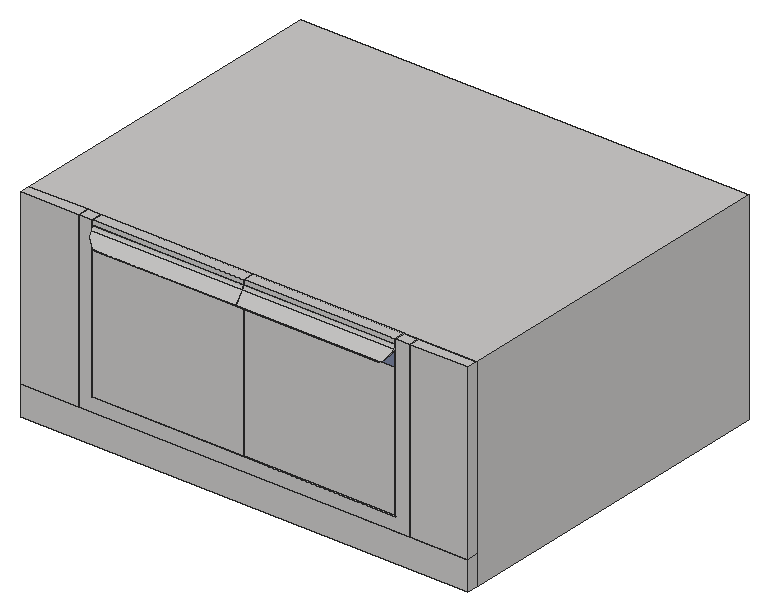
Revit family "QF_ELECTROLUXPROFESSIONAL_588647_MB1RCAJOOO", category Attrezzature speciali, Revit 2020
Family settings
  Quota connettore circolare = Usa diametro
  Tipo di parte = Normale
  Basato su piano di lavoro = No
  Sempre verticale = Sì
  Taglio con vuoti quando caricato = No
  Condiviso = No
  Punto di calcolo locali = No
Parameters (values of type "Standard")
  Weight = 31.00 kg
  Watts = 0 W
  Volts = 0 V
  URL Manufacturer = "https://www.electroluxprofessional.com/"
  URL = "https://www.electroluxprofessional.com/"
  Steam Supply Size = 0"
  Steam Supply Minimum Pressure = 0.00 psi
  Steam Supply Maximum Pressure = 0.00 psi
  Steam Consumption per Hour = 0
  Refrigeration Suction Line Size = 0 mm
  Refrigeration Liquid Line Size = 0 mm
  Refrigerant Compressor Remote = yes
  Prospetto di default = 0 mm
  Phase = 0
  Modello = "MB1RCAJOOO"
  Produttore = "Electrolux Professional"
  Length Actual = 1000 mm  # constant formula
  Item Number = "588647"
  Hot Water Size = 0"
  Height Actual = 450 mm  # constant formula
  HP = "0 HP"
  Gas Size = 0"
  Gas KW = 0
  Gas Input Pressure = 0.0 Btu/h
  Direct Waste Size = 0"
  Descrizione = "CUPBOARD BASE,2 DOORS,1-S,1000X850X450H"
  Depth Actual = 850 mm  # constant formula
  Cycle = 0 Hz
  Condensate Return Size = 0"
  Compressed Air Volume = 0 GPM
  Compressed Air Size = 0"
  Compressed Air Pressure = 0.00 psi
  Cold Water Size = 0"
  Accessory = yes
Reference planes
  plane 1 "BACK": y = 0
  plane 2: z = 0
  plane 3 "LEFT": x = 0
  plane 4 "RIGHT": x = 1000
  plane 5 "FRONT": y = -850
  plane 6 "PLAIN": z = 900
  plane 7 "Center (Left/Right)": x = 500
  plane 8 "Center (Front/Back)": y = -425
  plane 9 "TOP": z = 650
  plane 10 "BASE": z = 200
  plane 11: x = 922
  plane 12: x = 78
  plane 13 "Feet_back": y = -150
  plane 14 "Feet_Front": y = -720
  plane 15: x = 130
  plane 16: x = 870
  plane 17: z = 265
  plane 18: y = -45
  plane 19: y = -805
  plane 20: y = -70
  plane 21: y = -830
  plane 22 "ButtonZ": z = 590
Forms (mm)
  Extrusion 1, solid, material "QF_Finishes_Stainless Steel"
    sketch origin (0, 0, 650) x (0, 1, 0) y (0, 0, 1)
      loop
        line (-45, -450) -> (-45, 0) -> (-805, 0) -> (-805, -450) -> (-45, -450)
    from 0 to 1000
  Extrusion 2, solid, material "QF_Finishes_Stainless Steel"
    sketch origin (0, 0, 650) x (0, 1, 0) y (0, 0, 1)
      loop
        line (-830, -450) -> (-805, -450) -> (-805, -385) -> (-830, -385) -> (-830, -450)
    from 0 to 1000
  Extrusion 3, void
    sketch origin (0, -850, 0) x (1, 0, 0) y (0, 0, 1)
      loop
        line (130, 650) -> (130, 265) -> (870, 265) -> (870, 650) -> (130, 650)
    from 0 to -780
  Extrusion 4, solid, material "QF_Finishes_Stainless Steel"
    sketch origin (0, -850, 0) x (1, 0, 0) y (0, 0, 1)
      loop
        line (160, 650) -> (160, 627) -> (840, 627) -> (840, 650) -> (160, 650)
    from -45 to -805
  Extrusion 5, solid, material "QF_Finishes_Stainless Steel"
    sketch origin (0, -850, 0) x (1, 0, 0) y (0, 0, 1)
      loop
        line (130, 650) -> (130, 265) -> (870, 265) -> (870, 650) -> (840, 650) -> (840, 295) -> (160, 295) -> (160, 650) -> (130, 650)
    from -45 to -780
  Extrusion 6, solid, material "QF_Finishes_Stainless Steel"
    sketch origin (0, -850, 0) x (1, 0, 0) y (0, 0, 1)
      loop
        line (0, 650) -> (0, 265) -> (130, 265) -> (130, 650) -> (0, 650)
    from -20 to -45
  Extrusion 7, solid, material "QF_Finishes_Stainless Steel"
    sketch origin (0, -850, 0) x (1, 0, 0) y (0, 0, 1)
      loop
        line (870, 650) -> (870, 265) -> (1000, 265) -> (1000, 650) -> (870, 650)
    from -20 to -45
  Extrusion 8, solid, material "QF_Finishes_Stainless Steel"
    sketch origin (315, -850, 0) x (1, 0, 0) y (0, 0, 1)
      loop
        line (-185, 650) -> (-185, 265) -> (555, 265) -> (555, 650) -> (525, 650) -> (525, 295) -> (-155, 295) -> (-155, 650) -> (-185, 650)
    from -20 to -45
Cuts and joins
  Extrusion 3 cuts Extrusion 1
  joined: Extrusion 1, Extrusion 4, Extrusion 5
Lines and regions (mm)
  symbolic lines, style "SpecialityEquipmentHiddenLines"
    curve 1: line (0, 0, 0) -> (1000, 0, 0)
    curve 2: line (0, -850, 0) -> (0, 0, 0)
    curve 3: line (1000, -850, 0) -> (0, -850, 0)
    curve 4: line (1000, 0, 0) -> (1000, -850, 0)
Dimensions and locks
  plane 3 "LEFT" to plane 4 "RIGHT" = 1000 mm
  plane 5 "FRONT" to plane 1 "BACK" = 850 mm
  equal spacing: plane 3 "LEFT", plane 7 "Center (Left/Right)", plane 4 "RIGHT"
  equal spacing: plane 5 "FRONT", plane 8 "Center (Front/Back)", plane 1 "BACK"
  plane 6 "PLAIN" to plane 9 "TOP" = 250 mm
  plane 10 "BASE" to level = 200 mm
  plane 9 "TOP" to plane 10 "BASE" = 450 mm
  locked: plane 1 "BACK" to plane 13 "Feet_back" at 150
  locked: plane 14 "Feet_Front" to plane 5 "FRONT" at 130
  locked: plane 12 to plane 3 "LEFT" at 78
  locked: plane 11 to plane 4 "RIGHT" at 78
  plane 16 to plane 15 = 740 mm
  equal spacing: plane 16, plane 7 "Center (Left/Right)", plane 15
  locked: plane 17 to plane 10 "BASE" at 65
  locked: plane 1 "BACK" to plane 18 at 45
  plane 9 "TOP" to Extrusion 4 sketch curve = 23 mm
  locked: Extrusion 4 sketch curve to plane 15 at 30
  locked: plane 16 to Extrusion 4 sketch curve at 30
  plane 6 "PLAIN" to level = 900 mm
  Extrusion 5 to Extrusion 5 = 680 mm
  locked: plane 18 to plane 20 at 25
  locked: plane 21 to plane 5 "FRONT" at 20
  locked: plane 19 to plane 21 at 25
  plane 18 to plane 21 = 785 mm
  plane 22 "ButtonZ" to level = 590 mm
  aligned and locked: level to plane 2
  aligned and locked: Extrusion 1 to plane 4 "RIGHT"
  aligned and locked: Extrusion 1 to plane 3 "LEFT"
  aligned and locked: Extrusion 2 to plane 4 "RIGHT"
  aligned and locked: plane 9 "TOP" to Extrusion 3 sketch curve
  aligned and locked: Extrusion 3 sketch curve to plane 15
  aligned and locked: plane 16 to Extrusion 3 sketch curve
  aligned and locked: Extrusion 2 to plane 10 "BASE"
  aligned and locked: Extrusion 2 to plane 17
  aligned and locked: plane 17 to Extrusion 3 sketch curve
  aligned and locked: Extrusion 4 to plane 18
  aligned and locked: Extrusion 5 sketch curve to plane 15
  aligned and locked: plane 16 to Extrusion 5 sketch curve
  aligned and locked: plane 9 "TOP" to Extrusion 5 sketch curve  (x2)
  aligned and locked: plane 17 to Extrusion 5 sketch curve
  aligned and locked: Extrusion 5 sketch curve to Extrusion 4  (x2)
  aligned and locked: Extrusion 6 sketch curve to plane 9 "TOP"
  aligned and locked: plane 3 "LEFT" to Extrusion 6 sketch curve
  aligned and locked: Extrusion 6 sketch curve to plane 17
  aligned and locked: Extrusion 6 sketch curve to plane 15
  aligned and locked: Extrusion 7 sketch curve to plane 9 "TOP"
  aligned and locked: plane 16 to Extrusion 7 sketch curve
  aligned and locked: Extrusion 7 sketch curve to plane 17
  aligned and locked: plane 4 "RIGHT" to Extrusion 7 sketch curve
  aligned and locked: cut or joined group of Extrusion 1, Extrusion 3, Extrusion 4, Extrusion 5 to Extrusion 4
  aligned and locked: plane 7 "Center (Left/Right)" to nested 1
  aligned and locked: Extrusion 5 to plane 20
  aligned and locked: cut or joined group of Extrusion 1, Extrusion 3, Extrusion 4, Extrusion 5 to plane 20
  aligned and locked: cut or joined group of Extrusion 1, Extrusion 3, Extrusion 4, Extrusion 5 to plane 18
  aligned and locked: plane 19 to Extrusion 4
  aligned and locked: Extrusion 6 to plane 19
  aligned and locked: plane 21 to Extrusion 6
  aligned and locked: plane 21 to Extrusion 7
  aligned and locked: Extrusion 7 to plane 19
  aligned and locked: Extrusion 2 to plane 19
  aligned and locked: plane 21 to Extrusion 2
  aligned and locked: plane 19 to cut or joined group of Extrusion 1, Extrusion 3, Extrusion 4, Extrusion 5
  aligned and locked: Extrusion 8 sketch curve to cut or joined group of Extrusion 1, Extrusion 3, Extrusion 4, Extrusion 5  (x3)
  aligned and locked: Extrusion 8 sketch curve to plane 16
  aligned and locked: plane 15 to Extrusion 8 sketch curve
Automatic sketch dimensions
  curve 3 to plane 3 "LEFT" = 0 mm
  curve 3 to plane 4 "RIGHT" = 0 mm
  plane 5 "FRONT" to curve 3 = 0 mm
  plane 1 "BACK" to curve 2 = 0 mm
  Extrusion 1 sketch curve to plane 10 "BASE" = 0 mm
  Extrusion 1 sketch curve to plane 19 = 0 mm
  Extrusion 1 sketch curve to plane 18 = 0 mm
  Extrusion 1 sketch curve to plane 9 "TOP" = 0 mm
  plane 17 to Extrusion 2 sketch curve = 0 mm
  Extrusion 2 sketch curve to plane 21 = 0 mm
  Extrusion 2 sketch curve to plane 10 "BASE" = 0 mm
  Extrusion 2 sketch curve to plane 19 = 0 mm
  Extrusion 4 sketch curve to plane 9 "TOP" = 0 mm
  Extrusion 5 sketch curve to plane 17 = 30 mm
  Extrusion 8 sketch curve to plane 9 "TOP" = 0 mm  (x2)
  Extrusion 8 sketch curve to plane 17 = 0 mm
Nested families
  nested 1: "H450_2DOOR" at (463.958, -805, 200) x (1, 0, 0) z (0, -1, 0), type "H450_2DOOR"
    with Width 680 mm, Wdoor 340 mm, Show Clearance yes
Definition of nested family "H450_2DOOR"
  Parameters
    Width [instance] = 580 mm
    Wdoor [instance] = Width / 2  # 290 mm
    Show Clearance [instance] = yes
    Model = "727995"
    Height = 450 mm
    Default Elevation = 0 mm
  Reference planes
    plane 1 "Center (Front/Back)": y = 0
    plane 2: z = 0
    plane 3 "Center (Left/Right)": x = 36.042
    plane 4 "panel": z = 25
    plane 5: x = -253.958
    plane 6: x = 326.042
    plane 7: y = 450
    plane 8: z = 290
    plane 9: z = 45
  Forms (mm)
    Extrusion 1, solid
      sketch origin (0, -919.2, 0) x (1, 0, 0) y (0, 1, 0)
        loop
          line (-980.5, 2119.2) -> (-980.5, -162.846) -> (881.94, -162.846) -> (881.94, 2119.2) -> (-980.5, 2119.2)
      from 0 to -59.546
    Extrusion 2, solid
      sketch origin (0, 0, 0) x (1, 0, 0) y (0, 1, 0)
        loop
          line (324.042, 393) -> (37.042, 393) -> (37.042, 97) -> (324.042, 97) -> (324.042, 393)
        loop
          line (-251.958, 97) -> (35.042, 97) -> (35.042, 393) -> (-251.958, 393) -> (-251.958, 97)
      from 0 to 25
    Extrusion 3, solid
      sketch origin (0, 0, 0) x (1, 0, 0) y (0, 1, 0)
        loop
          line (-251.958, 393) -> (35.042, 393) -> (35.042, 440) -> (-251.958, 440) -> (-251.958, 393)
        loop
          line (37.042, 440) -> (37.042, 393) -> (324.042, 393) -> (324.042, 440) -> (37.042, 440)
      from 0 to 25
    Extrusion 4, solid
      sketch origin (5.581, 79.805, 0) x (1, 0, 0) y (0, 1, 0)
        loop
          line (-257.539, 360.195) -> (29.461, 360.195) -> (29.461, 370.195) -> (-257.539, 370.195) -> (-257.539, 360.195)
        loop
          line (31.461, 370.195) -> (31.461, 360.195) -> (318.461, 360.195) -> (318.461, 370.195) -> (31.461, 370.195)
      from 0 to 25
    Extrusion 5, solid
      sketch origin (36.042, 0, 0) x (0, 1, 0) y (0, 0, 1)
        loop
          line (426.693, 25) -> (440.02, 25)
          arc (440.02, 25) -> (435.261, 25.775) -> (430.993, 28.02) r 15
          line (430.993, 28.02) -> (406.653, 46.362) -> (403.644, 42.369) -> (426.693, 25)
      from 1 to 288
    Extrusion 6, solid
      sketch origin (36.042, 0, 0) x (0, 1, 0) y (0, 0, 1)
        loop
          line (426.693, 25) -> (440.02, 25)
          arc (440.02, 25) -> (435.261, 25.775) -> (430.993, 28.02) r 15
          line (430.993, 28.02) -> (406.653, 46.362) -> (403.644, 42.369) -> (426.693, 25)
      from -288 to -1
    Extrusion 7, void
      sketch origin (0, 0, 0) x (1, 0, 0) y (0, 1, 0)
        loop
          arc (324.042, 426.693) -> (314.508, 412.772) -> (300.317, 403.644) r 42.603
          line (300.317, 403.644) -> (324.042, 403.644) -> (324.042, 426.693)
      from 0 to 47.9
    Extrusion 8, void
      sketch origin (72.084, 0, 0) x (-1, 0, 0) y (0, -1, 0)
        loop
          line (324.042, -426.693) -> (324.042, -403.644) -> (300.317, -403.644)
          arc (300.317, -403.644) -> (314.508, -412.772) -> (324.042, -426.693) r 42.603
      from 0 to 47.9
    Extrusion 9, solid, detail levels coarse
      sketch origin (0, 0, 0) x (1, 0, 0) y (0, 0, 1)
        loop
          arc (36.042, 25) -> (-41.575, 212.383) -> (-228.958, 290) r 265
          line (-228.958, 290) -> (-228.958, 25) -> (36.042, 25)
      from -450 to -97
    Extrusion 10, solid, detail levels coarse
      sketch origin (0, 0, 0) x (1, 0, 0) y (0, 0, 1)
        loop
          arc (301.042, 290) -> (113.659, 212.383) -> (36.042, 25) r 265
          line (36.042, 25) -> (301.042, 25) -> (301.042, 290)
      from -450 to -97
  Cuts and joins
    Extrusion 8 cuts Extrusion 6
    Extrusion 7 cuts Extrusion 5
  Lines and regions (mm)
    symbolic lines
      curve 1: line (326.042, 0, 45) -> (326.042, 0, 290)
      curve 2: line (301.042, 0, 45) -> (301.042, 0, 290)
      curve 3: line (326.042, 0, 290) -> (301.042, 0, 290)
      curve 4: line (-253.958, 0, 45) -> (-253.958, 0, 290)
      curve 5: line (-228.958, 0, 45) -> (-228.958, 0, 290)
      curve 6: line (-253.958, 0, 290) -> (-228.958, 0, 290)
      curve 7: arc (301.042, 0, 290) -> (120.901, 0, 219.356) -> (36.804, 0, 45.088) r 265
      curve 8: arc (35.286, 0, 44.997) -> (-48.783, 0, 219.325) -> (-228.958, 0, 290) r 265
  Dimensions and locks
    plane 4 "panel" to level = 25 mm
    "Width": plane 5 to plane 6
    equal spacing: plane 5, plane 3 "Center (Left/Right)", plane 6
    "Height": plane 1 "Center (Front/Back)" to plane 7
    locked: plane 5 to Extrusion 2 sketch curve at 2
    locked: Extrusion 2 sketch curve to plane 6 at 2
    locked: plane 1 "Center (Front/Back)" to Extrusion 2 sketch curve at 97
    locked: plane 7 to Extrusion 2 sketch curve at 57
    locked: Extrusion 2 sketch curve to plane 3 "Center (Left/Right)" at 1
    locked: plane 3 "Center (Left/Right)" to Extrusion 2 sketch curve at 1
    Extrusion 3 sketch curve to Extrusion 2 = 47 mm
    "Wdoor": plane 8 to level
    locked: curve 2 to curve 1 at 25
    locked: curve 5 to curve 4 at 25
    plane 4 "panel" to plane 9 = 20 mm
    aligned and locked: plane 2 to Extrusion 1
    aligned and locked: level to Extrusion 1
    aligned and locked: plane 4 "panel" to Extrusion 2
    aligned and locked: Extrusion 2 to Extrusion 3 sketch curve
    aligned and locked: Extrusion 3 sketch curve to Extrusion 2  (x2)
    aligned and locked: Extrusion 3 sketch curve to Extrusion 3 sketch curve
    aligned and locked: plane 4 "panel" to Extrusion 3
    aligned and locked: Extrusion 4 sketch curve to Extrusion 4 sketch curve
    aligned and locked: Extrusion 4 sketch curve to Extrusion 3  (x3)
    aligned and locked: Extrusion 3 to Extrusion 4 sketch curve
    aligned and locked: Extrusion 4 sketch curve to plane 7
    aligned and locked: Extrusion 3 to Extrusion 5
    aligned and locked: Extrusion 5 to Extrusion 3
    aligned and locked: Extrusion 6 to Extrusion 3
    aligned and locked: Extrusion 3 to Extrusion 6
    aligned and locked: Extrusion 7 sketch curve to Extrusion 5
    aligned and locked: Extrusion 8 to Extrusion 6
    aligned and locked: Extrusion 4 to Extrusion 8
    aligned and locked: Extrusion 2 to Extrusion 7
    aligned and locked: Extrusion 7 to Extrusion 5
    aligned and locked: Extrusion 4 to Extrusion 3  (x2)
    aligned and locked: Extrusion 3 to Extrusion 2
    aligned and locked: Extrusion 4 to Extrusion 2
    aligned and locked: curve 3 to plane 8
    aligned and locked: curve 1 to plane 6
    aligned and locked: curve 4 to plane 5
    aligned and locked: Extrusion 9 sketch curve to plane 4 "panel"
    aligned and locked: Extrusion 10 sketch curve to curve 7
    aligned and locked: Extrusion 10 sketch curve to curve 2
    aligned and locked: Extrusion 2 to Extrusion 9
    aligned and locked: Extrusion 2 to Extrusion 10
    aligned and locked: plane 7 to Extrusion 9
    aligned and locked: Extrusion 3 to Extrusion 4
  Automatic sketch dimensions
    Extrusion 1 sketch curve to Extrusion 1 sketch curve = 1862.44 mm
    Extrusion 1 sketch curve to Extrusion 1 sketch curve = 2282.046 mm
    Extrusion 2 sketch curve to plane 1 "Center (Front/Back)" = 97 mm
    Extrusion 2 sketch curve to Extrusion 2 sketch curve = 0 mm
    Extrusion 3 sketch curve to plane 3 "Center (Left/Right)" = 1 mm
    plane 5 to Extrusion 3 sketch curve = 2 mm
    Extrusion 3 sketch curve to Extrusion 3 sketch curve = 0 mm
    Extrusion 5 sketch curve to plane 4 "panel" = 0 mm
    plane 4 "panel" to Extrusion 5 sketch curve = 17.369 mm
    Extrusion 5 sketch curve to plane 7 = 46.356 mm
    plane 4 "panel" to Extrusion 5 sketch curve = 21.362 mm
    Extrusion 5 sketch curve to Extrusion 5 sketch curve = 3.009 mm
    plane 4 "panel" to Extrusion 5 sketch curve = 3.02 mm
    Extrusion 5 sketch curve to Extrusion 5 sketch curve = 9.027 mm
    Extrusion 6 sketch curve to plane 4 "panel" = 0 mm
    plane 4 "panel" to Extrusion 6 sketch curve = 17.369 mm
    Extrusion 6 sketch curve to plane 7 = 46.356 mm
    plane 4 "panel" to Extrusion 6 sketch curve = 21.362 mm
    Extrusion 6 sketch curve to Extrusion 6 sketch curve = 3.009 mm
    plane 4 "panel" to Extrusion 6 sketch curve = 3.02 mm
    Extrusion 6 sketch curve to Extrusion 6 sketch curve = 9.027 mm
    Extrusion 7 sketch curve to Extrusion 7 sketch curve = 23.725 mm
    Extrusion 7 sketch curve to plane 7 = 6.671 mm
    Extrusion 7 sketch curve to plane 6 = 41.221 mm
    Extrusion 7 sketch curve to plane 7 = 23.307 mm
    plane 7 to Extrusion 8 sketch curve = 6.671 mm
    Extrusion 8 sketch curve to plane 5 = 41.221 mm
    Extrusion 8 sketch curve to plane 5 = 25.725 mm
    Extrusion 8 sketch curve to plane 5 = 2 mm
    plane 7 to Extrusion 8 sketch curve = 23.307 mm
    Extrusion 4 sketch curve to Extrusion 4 sketch curve = 10 mm
    Extrusion 4 sketch curve to plane 7 = 10 mm
    curve 2 to plane 9 = 0 mm
    curve 5 to plane 9 = 0 mm
    curve 4 to plane 9 = 0 mm
    curve 1 to plane 9 = 0 mm
    curve 8 to plane 4 "panel" = 0 mm
    curve 5 to plane 8 = 0 mm
    curve 8 to plane 9 = 0.003 mm
    curve 7 to plane 4 "panel" = 0 mm
    plane 9 to curve 7 = 0.088 mm
